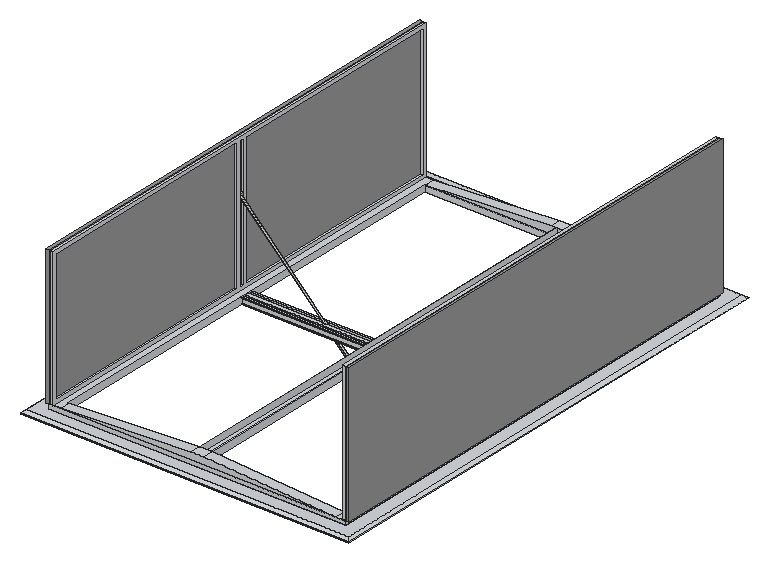
Revit family "NRWG PX2D 170X275 RODA PARAGON BARNEAGROUP(1)", category Windows, host Face, Revit 2017
Family settings
  Host = Face
  Cut with Voids When Loaded = No
  Shared = No
  Room Calculation Point = No
Parameters (values of type "HR5, roda’s PC16 ultra sturdy softlite")
  rotation angle [instance] = 45.00°
  cyl-tength [instance] = if(and(Open_angle = 30.00°, Open_angle < 31.00°), 270 mm, if(Open_angle = 45.00°, 370 mm, if(Open_angle = 60.00°, 470 mm, if(Open_angle = 90.00°, 740 mm, sin(Open_angle) * Width / 1.65))))  # 740 mm
  cyl-length left [instance] = if(and(Open_angle = 30.00°, Open_angle < 31.00°), 270 mm, if(Open_angle = 45.00°, 370 mm, if(Open_angle = 60.00°, 470 mm, if(Open_angle = 90.00°, 740 mm, sin(Open_angle) * Width / 1.65))))  # 740 mm
  Width = 1700 mm
  Weight = "3,0 kg/m²"
  Warranty [instance] = "10 years Warranty for color and strength"
  UV-protection = "UV protected on both sides"
  Type Image = image.JPG
  Translucency = "57%"
  Thickness = "16 mm"
  Thermal insulation = "1,86 W/m²K"
  System / Product = "Ventilation System"
  Supplier Location/ Regional Availability = "Israel"
  Supplier = "The Paragon Barnea Group"
  Style = "-"
  Structure = "16/5X"
  Solar factor = "56%"
  Shading coefficient = "65%"
  Reviews [instance] = 0
  Quantity calculation = 1
  Production width = "2100 mm"
  Product name = "Phoenix"
  Product family = "Windows"
  Product certification = "The systems conform to DIN EN 12101-2 and VdS 2159 (depending on the specification). The EC \r\ndeclaration of conformity is delivered with the product. \r\nMaterialprufungsamt-NRW \r\nISO 9001 \r\nRauch- und Warmeabzugsanlagen- GRW RAL"
  Product Type = "Natural smoke and heat exhaust ventilator"
  Price = 0
  Panel width = Width / 2  # 850 mm
  Packaging [instance] = "Ideal for flat roofs \r\nNatural, energy-saving daylight illumination \r\nEasy installation by providing pre-constructed units \r\nUsable for day-to-day ventilation \r\nIndividual paint colour \r\nMinimal leakage \r\nRecyclable without any noxious parts"
  Openning system = "Pneumatic cylinders and engine"
  Opening System [instance] = Opening system : 24V 1.2A electric motor
  Open_angle [instance] = 90.00°
  Minimal bending radius = "2400 mm"
  Material = "Top frames are made of corrosion resistant aluminium.  \r\nThe unit top flaps can be either manufactured from 16 mm PC-panels or from aluminium sandwich panels"
  Manufacturer location = "Germany \r\nroda.de/en/phoenix-2"
  Length = 2750 mm
  Lenght (list) = ""
  LEED credit categories = ""
  Instruction video = "https://youtu.be/Z3RI_vmp12E"
  Installation = "Easy installation on all types of roof constructions up to an angle of 90°"
  Indoor/Outdoor = "Outdoor"
  Images = 0
  Flap glazing = HR5, roda’s PC16 ultra sturdy softlite
panel
  Fire classification = "B-s2,d0 (EN 13501-1)"
  Diffusion = "100%"
  Description (list) = "Twin-wall panel made from polycarbonate"
  Description = "Natural smoke and heat exhaust ventilation systems are an essential part of safety-systems for \r\npreventive fire precautions. Their task is to provide a smoke-free zone at ground level. \r\nThe PHOENIX system is available in a one and two winged version."
  Default Elevation = 1219.2 mm
  Flange type = 100 mm
  Certificate = "hailstorm protection classification HR5 according\r\nto testing report nº H217VKF of aug 25, 2014"
  Brand = "RODA"
  BIM Designer = "www.bauhub.io"
  Available Size = "Flexible sizes - up to 6.25m2"
Types (4, lengths in mm): name | cyl-tength | cyl-length left | Weight | Warranty | UV-protection | Translucency | Thickness | Thermal insulation | Structure | Solar factor | Shading coefficient | Production width | Open_angle | Minimal bending radius | Lenght (list) | Flap glazing | Diffusion | Description (list) | Certificate | BIM Designer
  (no name) | 740 | 740 | "3,0 kg/m²" | "10 years Warranty for color and strength" | "UV protected on both sides" | "57%" | "16 mm" | "1,86 W/m²K" | "16/5X" | "56%" | "65%" | "2100 mm" | 90.00° | "2400 mm" | "" | HR5, roda’s PC16 ultra sturdy softlite
panel | "100%" | "Twin-wall panel made from polycarbonate" | "hailstorm protection classification HR5 according\r\nto testing report nº H217VKF of aug 25, 2014" | "www.bauhub.io"
  HR5, roda’s PC16 ultra sturdy softlite | 740 | 740 | "3,0 kg/m²" | "10 years Warranty for color and strength" | "UV protected on both sides" | "57%" | "16 mm" | "1,86 W/m²K" | "16/5X" | "56%" | "65%" | "2100 mm" | 90.00° | "2400 mm" | "" | HR5, roda’s PC16 ultra sturdy softlite
panel | "100%" | "Twin-wall panel made from polycarbonate" | "hailstorm protection classification HR5 according\r\nto testing report nº H217VKF of aug 25, 2014" | "www.bauhub.io"
  POLYGAL TITAN | 470 | 470 | "2,5 kg/m²" | "More than 10 years warranty" | "U-Factor 2.1" | "Black- High withe- 0%" | "16 mm" | "" | "Unique inner X- brace structure provides extra strength and insulation" | "" | "" | "2100 mm" | 60.00° | "2800 mm" | "6,12" | POLYGAL TITAN | "" | "Titan Sky 16 mm sheets, black colored with high white external layer" | "Contact the supplier" | ""
  Aluminum | 470 | 470 | "" | "More than 10 years warranty" | "UV protected" | "0%" | "80mm" | "0,04 W/m²K" | "" | "" | "" | "As required" | 60.00° | "As required" | "" | Aluminum | "0%" | "Twin wall 18 mm and Rockwool 0.04" | "Contact the supplier" | ""
Reference planes
  plane 1 "Center (Front/Back)": y = 0
  plane 2: z = 0
  plane 3 "Center (Left/Right)": x = 0
  plane 4: x = -850
  plane 5: x = 850
  plane 6: y = 1375
  plane 7: y = -1375
  plane 8 "left angle plane": x = -913
  plane 9: z = 40
  plane 10 "right angle plane": x = 913
  plane 11 "right cylinder": y = -18.76
  plane 12 "left cylinder": y = 17.473
  plane 13: z = 40
Forms (mm)
  Extrusion 1, void
    sketch origin (0, 0, 0) x (1, 0, 0) y (0, 1, 0)
      loop
        line (-850, 1375) -> (-850, -1375) -> (850, -1375) -> (850, 1375) -> (-850, 1375)
    from -304.8 to 0
  Sweep 2, solid
    path in 3D
      loop
        line (-850, 1375, 0) -> (850, 1375, 0) -> (850, -1375, 0) -> (-850, -1375, 0) -> (-850, 1375, 0)
    profile origin (-850, 0, 0) x (-1, 0, 0) y (0, 0, 1)
      loop
        line (0, 0) -> (63, 0) -> (63, 40) -> (0, 40) -> (0, 0)
  Extrusion 3, solid
    sketch origin (850, -1375, 0) x (-1, 0, 0) y (0, 0, 1)
      loop
        line (0, 40) -> (1700, 40) -> (890, 85.195) -> (810, 85.195) -> (0, 40)
    from 0 to -63
  Extrusion 4, solid
    sketch origin (500, 500, 0) x (-1, 0, 0) y (0, 0, -1)
      loop
        line (1350, -40) -> (-350, -40) -> (430, -85.195) -> (570, -85.195) -> (1350, -40)
    from -875 to -938
  Extrusion 5, solid
    sketch origin (0, 0, 0) x (1, 0, 0) y (0, 0, 1)
      loop
        line (40, 85.195) -> (35, 85.195) -> (35, 45) -> (-35, 45) -> (-35, 85.195) -> (-40, 85.195) -> (-40, 40) -> (40, 40) -> (40, 85.195)
    from 1375 to -1375
  Extrusion 6, solid, material "HR5, roda’s PC16 ultra sturdy softlite
panel" <- "Flap glazing"
    sketch origin (0, 0, 0) x (1, 0, 0) y (0, 0, 1)
      loop
        line (-913, 40) -> (-913, 890) -> (-933, 890) -> (-933, 40) -> (-913, 40)
    from 1438 to -1438
  Extrusion 7, solid, material "HR5, roda’s PC16 ultra sturdy softlite
panel" <- "Flap glazing"
    sketch origin (0, 0, 0) x (1, 0, 0) y (0, 0, 1)
      loop
        line (913, 40) -> (933, 40) -> (933, 890) -> (913, 890) -> (913, 40)
    from 1438 to -1438
  Extrusion 8, solid
    sketch origin (-913, 0, 40) x (0, 0, 1) y (0, -1, 0)
      loop
        line (850, 1438) -> (0, 1438) -> (0, -1438) -> (850, -1438) -> (850, 1438)
      loop
        line (830, -1418) -> (830, -52) -> (20, -52) -> (20, -1418) -> (830, -1418)
      loop
        line (830, 1418) -> (20, 1418) -> (20, 18) -> (830, 18) -> (830, 1418)
      loop
        line (20, -2) -> (20, -32) -> (830, -32) -> (830, -2) -> (20, -2)
    from 20 to 0
  Extrusion 9, solid
    sketch origin (913, 0, 40) x (0, 0, 1) y (0, 1, 0)
      loop
        line (850, 1438) -> (0, 1438) -> (0, -1438) -> (850, -1438) -> (850, 1438)
      loop
        line (830, 1418) -> (20, 1418) -> (20, 15.75) -> (830, 15.75) -> (830, 1418)
      loop
        line (20, -1418) -> (830, -1418) -> (830, -54.25) -> (20, -54.25) -> (20, -1418)
      loop
        line (830, -34.25) -> (830, -4.25) -> (20, -4.25) -> (20, -34.25) -> (830, -34.25)
    from 20 to 0
  Sweep 10, solid
    path in 3D
      loop
        line (913, -1438, 0) -> (-913, -1438, 0) -> (-913, 1438, 0) -> (913, 1438, 0) -> (913, -1438, 0)
    profile origin (913, 0, 0) x (-1, 0, 0) y (0, 0, -1)
      loop
        line (-2, -14.339) -> (-2, -40) -> (0, -40) -> (0, -12.339) -> (-78.602, -12.339) -> (-100, 2.644) -> (-100, 0.202) -> (-79.232, -14.339) -> (-2, -14.339)
  Extrusion 11, solid
    sketch origin (0, 0, 0) x (0, 1, 0) y (0, 0, 1)
      loop
        line (-40, 40) -> (-40, 36) -> (-35, 36) -> (-35, 4) -> (-40, 4) -> (-40, 0) -> (-28.654, 0) -> (-28.654, 40) -> (-40, 40)
      loop
        line (-8.654, 40) -> (-8.654, 0) -> (7.404, 0) -> (7.404, 40) -> (-8.654, 40)
      loop
        line (40, 40) -> (27.404, 40) -> (27.404, 0) -> (40, 0) -> (40, 4) -> (35, 4) -> (35, 36) -> (40, 36) -> (40, 40)
    from 850 to -850
  Extrusion 12, solid
    sketch origin (-382, 34.793, 40) x (0, -1, 0) y (0.707107, 0, 0.707107)
      loop
        circle (17.473, 0) r 4
    from 740 <- "cyl-length left" to 0
  Extrusion 13, solid
    sketch origin (-382, 34.793, 40) x (0, 1, 0) y (0.707107, 0, 0.707107)
      loop
        circle (-17.473, 0) r 8
    from 480 to 0
  Extrusion 14, solid
    sketch origin (382, -18.76, 40) x (0, 1, 0) y (-0.707107, 0, 0.707107)
      loop
        circle (0, 0) r 4
    from 740 <- "cyl-tength" to 0
  Extrusion 15, solid
    sketch origin (382, -18.76, 40) x (0, -1, 0) y (-0.707107, 0, 0.707107)
      loop
        circle (0, -1.021) r 8
    from 480 to 0
  Extrusion 16, void
    sketch origin (-905.259, 34.793, 563.259) x (0, 1, 0) y (0.707107, 0, 0.707107)
      loop
        arc (-17.473, 4) -> (-21.473, 0) -> (-17.473, -4) r 4
        line (-17.473, -4) -> (-17.473, 4)
    from 10 to 0
  Extrusion 17, solid
    sketch origin (-906.345, 17.321, 564.768) x (-0.707107, 0, -0.707107) y (0.707107, 0, -0.707107)
      loop
        circle (0, 5) r 8
    from 15.321 to -14.679
  Extrusion 18, void
    sketch origin (905.259, -18.76, 563.259) x (0, -1, 0) y (-0.707107, 0, 0.707107)
      loop
        line (0, 4) -> (0, -4)
        arc (0, -4) -> (4, 0) -> (0, 4) r 4
    from 10 to 0
  Extrusion 19, solid
    sketch origin (900.243, -18.76, 563.9) x (0.707107, 0, -0.707107) y (0.707107, 0, 0.707107)
      loop
        circle (4, 0) r 8
    from 15.49 to -14.51
Cuts and joins
  Extrusion 16 cuts Extrusion 12
  Extrusion 18 cuts Extrusion 14
Lines and regions (mm)
  sketch lines
    curve 1: line (-850, -1375, 0) -> (-850, 1375, 0)
    curve 2: line (-850, 1375, 0) -> (850, 1375, 0)
    curve 3: line (850, 1375, 0) -> (850, -1375, 0)
    curve 4: line (850, -1375, 0) -> (-850, -1375, 0)
    curve 5: line (913, 1438, 0) -> (913, -1438, 0)
    curve 6: line (913, -1438, 0) -> (-913, -1438, 0)
    curve 7: line (-913, -1438, 0) -> (-913, 1438, 0)
    curve 8: line (-913, 1438, 0) -> (913, 1438, 0)
  reference lines
    curve 9: line (-382, 17.473, 544.232) -> (-382, 17.473, 40)
    curve 10: line (-382, 17.473, 40) -> (-551.706, 17.473, 209.706)
    curve 11: line (-382, 17.473, 40) -> (-212.294, 17.473, -129.706)
    curve 12: line (382, -18.76, 544.232) -> (382, -18.76, 40)
    curve 13: line (382, -18.76, 40) -> (551.706, -18.76, 209.706)
    curve 14: line (382, -18.76, 40) -> (215.83, -18.76, -126.17)
Dimensions and locks
  "Width": plane 4 to plane 5
  "Length": plane 7 to plane 6
  equal spacing: plane 7, plane 1 "Center (Front/Back)", plane 6
  equal spacing: plane 4, plane 3 "Center (Left/Right)", plane 5
  locked: plane 9 to plane 2 at 40
  locked: Extrusion 6 sketch curve to Extrusion 6 sketch curve at 850
  locked: Extrusion 6 sketch curve to Extrusion 6 sketch curve at 20
  locked: Extrusion 7 sketch curve to Extrusion 7 sketch curve at 20
  locked: Extrusion 7 sketch curve to Extrusion 7 sketch curve at 850
  "Flange type": profile plane to Sweep 10 sketch curve
  locked: plane 13 to level at 40
  "Open_angle": angle plane 9 to plane 8 "left angle plane"
  "Open_angle": angle plane 10 "right angle plane" to plane 9
  locked: Extrusion 6 sketch curve to Extrusion 6 sketch curve (angle 90.00°)  (x2)
  locked: Extrusion 7 sketch curve to Extrusion 7 sketch curve (angle 90.00°)  (x2)
  "rotation angle": angle curve 10 to plane 13
  "rotation angle": angle curve 11 to plane 13
  "rotation angle": angle plane 13 to curve 14
  "rotation angle": angle plane 13 to curve 13
  aligned and locked: host face to plane 2
  aligned and locked: host face to level
  aligned and locked: Extrusion 1 sketch curve to plane 6
  aligned and locked: Extrusion 1 sketch curve to plane 4
  aligned and locked: Extrusion 1 sketch curve to plane 7
  aligned and locked: Extrusion 1 sketch curve to plane 5
  aligned and locked: Sweep 2 to Extrusion 3
  aligned and locked: Extrusion 4 to plane 6
  aligned and locked: Extrusion 5 to plane 6
  aligned and locked: plane 7 to Extrusion 5
  aligned and locked: Extrusion 6 sketch curve to plane 8 "left angle plane"
  aligned and locked: Extrusion 6 to Sweep 2
  aligned and locked: Extrusion 7 to Extrusion 6  (x2)
  aligned and locked: Sweep 2 to Extrusion 4
  aligned and locked: Extrusion 7 to Sweep 2
  aligned and locked: Extrusion 11 to Sweep 2  (x2)
  aligned and locked: plane 13 to Sweep 10
  aligned and locked: plane 13 to curve 9
  aligned and locked: Extrusion 17 to Extrusion 8  (x2)
  aligned and locked: Extrusion 19 to Extrusion 9  (x2)
Automatic sketch dimensions
  host sketch curve to host sketch curve = 3352.183 mm
  host sketch curve to host sketch curve = 4787.796 mm
  Sweep 2 sketch curve to profile plane = 0 mm  (x2)
  Sweep 2 sketch curve to profile plane = 63 mm
  profile plane to Sweep 2 sketch curve = 40 mm
  Sweep 2 to Extrusion 3 sketch curve = 0 mm  (x2)
  Extrusion 3 sketch curve to Sweep 2 = 0 mm
  Sweep 2 to Extrusion 3 sketch curve = 45.195 mm
  Sweep 2 to Extrusion 3 sketch curve = 810 mm
  Extrusion 3 sketch curve to Extrusion 3 sketch curve = 80 mm
  Extrusion 4 sketch curve to plane 5 = 0 mm
  Extrusion 4 sketch curve to plane 4 = 0 mm
  Extrusion 4 sketch curve to plane 9 = 0 mm
  plane 3 "Center (Left/Right)" to Extrusion 4 sketch curve = 70 mm
  Extrusion 4 sketch curve to plane 3 "Center (Left/Right)" = 70 mm
  plane 9 to Extrusion 4 sketch curve = 45.195 mm
  Extrusion 5 sketch curve to plane 9 = 0 mm
  Extrusion 5 sketch curve to plane 3 "Center (Left/Right)" = 40 mm
  Extrusion 5 sketch curve to Extrusion 5 sketch curve = 5 mm  (x2)
  plane 9 to Extrusion 5 sketch curve = 5 mm
  plane 3 "Center (Left/Right)" to Extrusion 5 sketch curve = 35 mm
  Extrusion 5 sketch curve to Extrusion 5 sketch curve = 40.195 mm  (x2)
  Extrusion 7 sketch curve to plane 10 "right angle plane" = 0 mm
  Extrusion 7 sketch curve to plane 9 = 0 mm
  plane 10 "right angle plane" to Extrusion 7 sketch curve = 0 mm
  Extrusion 9 sketch curve to Extrusion 7 = 0 mm  (x4)
  Extrusion 9 sketch curve to Extrusion 7 = 20 mm  (x5)
  Extrusion 7 to Extrusion 9 sketch curve = 20 mm  (x2)
  Extrusion 11 sketch curve to plane 9 = 0 mm  (x3)
  Extrusion 11 sketch curve to level = 0 mm  (x3)
  Extrusion 11 sketch curve to plane 11 "right cylinder" = 21.24 mm  (x2)
  Extrusion 11 sketch curve to Extrusion 11 sketch curve = 5 mm  (x3)
  Extrusion 11 sketch curve to Extrusion 11 sketch curve = 6.346 mm
  plane 1 "Center (Front/Back)" to Extrusion 11 sketch curve = 8.654 mm
  Extrusion 11 sketch curve to plane 1 "Center (Front/Back)" = 7.404 mm
  Extrusion 11 sketch curve to plane 12 "left cylinder" = 9.931 mm
  Extrusion 11 sketch curve to plane 9 = 4 mm  (x2)
  Extrusion 11 sketch curve to Extrusion 11 sketch curve = 7.596 mm
  Extrusion 11 sketch curve to Extrusion 11 sketch curve = 4 mm  (x2)
  Extrusion 6 sketch curve to plane 9 = 0 mm
  Extrusion 12 sketch curve to plane 1 "Center (Front/Back)" = 17.321 mm
  Extrusion 14 sketch curve to plane 11 "right cylinder" = 0 mm
  Extrusion 8 sketch curve to Extrusion 6 = 0 mm  (x4)
  Extrusion 6 to Extrusion 8 sketch curve = 20 mm  (x5)
  Extrusion 8 sketch curve to Extrusion 8 sketch curve = 1436 mm
  Extrusion 8 sketch curve to Extrusion 8 sketch curve = 0 mm  (x3)
  Extrusion 8 sketch curve to Extrusion 8 sketch curve = 20 mm  (x2)
  Extrusion 8 sketch curve to Extrusion 8 sketch curve = 30 mm
  Extrusion 17 sketch curve to Extrusion 16 = 3.701 mm
  Extrusion 16 to Extrusion 17 sketch curve = 3.165 mm
  Extrusion 9 sketch curve to Extrusion 9 sketch curve = 1363.75 mm
  Extrusion 9 sketch curve to Extrusion 9 sketch curve = 30 mm
  Extrusion 9 sketch curve to Extrusion 9 sketch curve = 20 mm  (x2)
  Extrusion 9 sketch curve to Extrusion 9 sketch curve = 0 mm
  Extrusion 18 to Extrusion 19 sketch curve = 3.094 mm
  Extrusion 18 to Extrusion 19 sketch curve = 4 mm
  Sweep 10 sketch curve to profile plane = 0 mm
  Sweep 10 sketch curve to Sweep 10 sketch curve = 20.768 mm
  Sweep 10 sketch curve to Sweep 10 sketch curve = 0.631 mm
  profile plane to Sweep 10 sketch curve = 2 mm
  Sweep 10 sketch curve to profile plane = 40 mm
  Sweep 10 sketch curve to profile plane = 14.339 mm
  Sweep 10 sketch curve to Sweep 10 sketch curve = 2 mm
  profile plane to Sweep 10 sketch curve = 0.202 mm
  Sweep 10 sketch curve to Sweep 10 sketch curve = 2.442 mm
  curve 10 to plane 3 "Center (Left/Right)" = 382 mm
  curve 10 to curve 9 = 334.526 mm
  curve 13 to plane 9 = 0 mm
  plane 3 "Center (Left/Right)" to curve 13 = 382 mm
  curve 13 to curve 12 = 334.526 mm
  radius of Extrusion 12 sketch curve = 4 mm
  radius of Extrusion 12 to Extrusion 13 sketch curve = 4 mm
  radius of Extrusion 15 sketch curve = 8 mm
  radius of Extrusion 14 sketch curve = 4 mm
  radius of Extrusion 16 sketch curve to Extrusion 12 = 0 mm
  radius of Extrusion 17 sketch curve = 8 mm
  radius of Extrusion 18 sketch curve to Extrusion 14 = 0 mm
  radius of Extrusion 19 sketch curve = 8 mm
